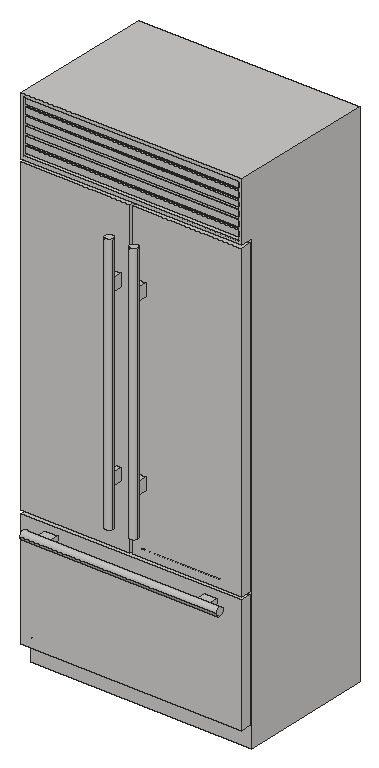
Revit family "24c63f6c6b7a40118bc31d5f5bb4d60e", category Specialty Equipment, Revit 2021
Family settings
  Round Connector Dimension = Use Diameter
  Part Type = Normal
  OmniClass Number = 23.40.40.14
  OmniClass Title = Food Service Equipment
  Work Plane-Based = No
  Always vertical = Yes
  Cut with Voids When Loaded = No
  Shared = No
  Room Calculation Point = No
Parameters (values of type "36"")
  Gasket = Appliance - Gasket
  Door Width = Width / 2 - 0' 0 1/4"  # 1' - 5 3/4"
  Width = 3' - 0"
  Wall Offset = 0' - 4"
  Voltage = 120 V
  Show Label = yes
  Power Consumption = 1000 VA
  Label = "Refrigerator"
  Height = 7' - 0"
  Description = "French Door Refrigerator"
  Depth = 2' - 0"
  Default Elevation = 0' - 0"
  Assembly Code = "E1090320"
  Appliance Finish = Appliance - Stainless Steel
  Amperage = Power Consumption / Voltage  # 8.33333 A
Types (3): name | Door Width | Width
  36" | 1' - 5 3/4" | 3' - 0"
  48" | 1' - 11 3/4" | 4' - 0"
  42" | 1' - 8 3/4" | 3' - 6"
Reference planes (in)
  plane 1 "Back": y = 0
  plane 2: z = 0
  plane 3 "Center (Left/Right)": x = 0
  plane 4 "Left": x = -18
  plane 5 "Right": x = 18
  plane 6: y = -4
  plane 7 "Front": y = -28
  plane 8 "Door Back": y = -26
  plane 9 "Top": z = 84
  plane 10 "B.O. Door": z = 3.5
  plane 11: z = 74.375
  plane 12: x = -2
  plane 13: z = 69.375
  plane 14: z = 27
  plane 15: x = 2
  plane 16: z = 23
  plane 17: z = 21
Forms (in)
  Extrusion 1, solid, material "Appliance - Stainless Steel" <- "Appliance Finish"
    sketch origin (0, 0, 0) x (1, 0, 0) y (0, 1, 0)
      loop
        line (-18, -4) -> (-18, -26) -> (18, -26) -> (18, -4) -> (-18, -4)
    from 0 to 84
  Extrusion 2, solid, material "Appliance - Stainless Steel" <- "Appliance Finish"
    sketch origin (0, -28, 0) x (-1, 0, 0) y (0, 0, 1)
      loop
        line (18, 84) -> (-18, 84) -> (-18, 74.375) -> (18, 74.375) -> (18, 84)
      loop
        line (17.5, 83.5) -> (-17.5, 83.5) -> (-17.5, 74.875) -> (17.5, 74.875) -> (17.5, 83.5)
    from 0 to 2
  Extrusion 3, solid, material "Appliance - Stainless Steel" <- "Appliance Finish"
    sketch origin (0, 0, 0) x (0, 1, 0) y (0, 0, 1)
      loop
        line (-26, 75.00892) -> (-27.75, 75.47783) -> (-27.75, 76.3774) -> (-27.875, 76.3774) -> (-27.875, 75.3774) -> (-26, 74.875) -> (-26, 75.00892)
      loop
        line (-26, 76.43344) -> (-27.75, 76.90235) -> (-27.75, 77.80192) -> (-27.875, 77.80192) -> (-27.875, 76.80192) -> (-26, 76.29952) -> (-26, 76.43344)
      loop
        line (-26, 77.85796) -> (-27.75, 78.32687) -> (-27.75, 79.22644) -> (-27.875, 79.22644) -> (-27.875, 78.22644) -> (-26, 77.72404) -> (-26, 77.85796)
      loop
        line (-26, 79.28248) -> (-27.75, 79.75139) -> (-27.75, 80.65096) -> (-27.875, 80.65096) -> (-27.875, 79.65096) -> (-26, 79.14856) -> (-26, 79.28248)
      loop
        line (-26, 80.707) -> (-27.75, 81.17591) -> (-27.75, 82.07548) -> (-27.875, 82.07548) -> (-27.875, 81.07548) -> (-26, 80.57308) -> (-26, 80.707)
      loop
        line (-26, 82.13151) -> (-27.75, 82.60043) -> (-27.75, 83.5) -> (-27.875, 83.5) -> (-27.875, 82.5) -> (-26, 81.9976) -> (-26, 82.13151)
    from -17.5 to 17.5
  Extrusion 4, solid, material "Appliance - Stainless Steel" <- "Appliance Finish", detail levels fine
    sketch origin (0, -28, 0) x (-1, 0, 0) y (0, 0, 1)
      loop
        line (2.375, 63.375) -> (1.625, 63.375) -> (1.625, 61.375) -> (2.375, 61.375) -> (2.375, 63.375)
      loop
        line (2.375, 35) -> (1.625, 35) -> (1.625, 33) -> (2.375, 33) -> (2.375, 35)
    from -1.67554 to 0
  Extrusion 5, solid, material "Appliance - Stainless Steel" <- "Appliance Finish", detail levels fine
    sketch origin (0, 0, 0) x (1, 0, 0) y (0, 1, 0)
      loop
        circle (-2, -30.01473) r 0.625
    from 27 to 69.375
  Extrusion 6, solid, material "Appliance - Stainless Steel" <- "Appliance Finish", detail levels fine
    sketch origin (2.5, -28, 0) x (-1, 0, 0) y (0, 0, 1)
      loop
        line (0.875, 63.375) -> (0.125, 63.375) -> (0.125, 61.375) -> (0.875, 61.375) -> (0.875, 63.375)
      loop
        line (0.875, 35) -> (0.125, 35) -> (0.125, 33) -> (0.875, 33) -> (0.875, 35)
    from -1.67554 to 0
  Extrusion 7, solid, material "Appliance - Stainless Steel" <- "Appliance Finish", detail levels fine
    sketch origin (2.5, 0, 0) x (1, 0, 0) y (0, 1, 0)
      loop
        circle (-0.5, -30.01473) r 0.625
    from 27 to 69.375
  Extrusion 8, solid, material "Appliance - Stainless Steel" <- "Appliance Finish"
    sketch origin (0, -28, 0) x (-1, 0, 0) y (0, 0, 1)
      loop
        line (18, 73.875) -> (0.25, 73.875) -> (0.25, 23) -> (18, 23) -> (18, 73.875)
      loop
        line (-0.25, 73.875) -> (-18, 73.875) -> (-18, 23) -> (-0.25, 23) -> (-0.25, 73.875)
      loop
        line (18, 22.5) -> (-18, 22.5) -> (-18, 3.5) -> (18, 3.5) -> (18, 22.5)
    from 0 to 1.75
  Extrusion 9, solid, material "Appliance - Stainless Steel" <- "Appliance Finish", detail levels fine
    sketch origin (0, -28, 0) x (-1, 0, 0) y (0, 0, 1)
      loop
        line (14, 21.375) -> (12, 21.375) -> (12, 20.625) -> (14, 20.625) -> (14, 21.375)
      loop
        line (-14, 21.375) -> (-14, 20.625) -> (-12, 20.625) -> (-12, 21.375) -> (-14, 21.375)
    from 0 to -1.67578
  Extrusion 10, solid, material "Appliance - Stainless Steel" <- "Appliance Finish", detail levels fine
    sketch origin (0, 0, 0) x (0, 1, 0) y (0, 0, 1)
      loop
        circle (-30.01473, 21) r 0.625
    from -16 to 16
  Sweep 11, solid, material "Appliance - Gasket" <- "Gasket", detail levels fine
    path in 3D
      loop
        line (-18, -28, 73.875) -> (-18, -28, 23) -> (-0.25, -28, 23) -> (-0.25, -28, 73.875) -> (-18, -28, 73.875)
    profile origin (-9.125, -28, 73.875) x (0, -1, 0) y (0, 0, 1)
      loop
        arc (-1.75, -0.125) -> (-1.875, 0) -> (-2, -0.125) r 0.125
        line (-2, -0.125) -> (-2, -0.25) -> (-1.75, -0.25) -> (-1.75, -0.125)
  Sweep 12, solid, material "Appliance - Gasket" <- "Gasket", detail levels fine
    path in 3D
      loop
        line (0.25, -28, 73.875) -> (0.25, -28, 23) -> (18, -28, 23) -> (18, -28, 73.875) -> (0.25, -28, 73.875)
    profile origin (9.125, -28, 73.875) x (0, -1, 0) y (0, 0, 1)
      loop
        arc (-1.75, -0.125) -> (-1.875, 0) -> (-2, -0.125) r 0.125
        line (-2, -0.125) -> (-2, -0.25) -> (-1.75, -0.25) -> (-1.75, -0.125)
  Sweep 13, solid, material "Appliance - Gasket" <- "Gasket", detail levels fine
    path in 3D
      loop
        line (-18, -28, 22.5) -> (-18, -28, 3.5) -> (18, -28, 3.5) -> (18, -28, 22.5) -> (-18, -28, 22.5)
    profile origin (0, -28, 22.5) x (0, -1, 0) y (0, 0, 1)
      loop
        arc (-1.75, -0.125) -> (-1.875, 0) -> (-2, -0.125) r 0.125
        line (-2, -0.125) -> (-2, -0.25) -> (-1.75, -0.25) -> (-1.75, -0.125)
Cuts and joins
  joined: Extrusion 1, Extrusion 2
  joined: Extrusion 4, Extrusion 5
  joined: Extrusion 6, Extrusion 7
  joined: Extrusion 9, Extrusion 10
Lines and regions (in)
  Split face 1
    outline origin (-18, -4, 0) x (1, 0, 0) y (0, 0, -1)
      loop
        circle (30, -78) r 2
  Split face 2
    outline origin (-18, -4, 0) x (1, 0, 0) y (0, 0, -1)
      loop
        circle (18, -3.5) r 2
  Masking region 1
    outline origin (0, 0, 0) x (1, 0, 0) y (0, 1, 0)
      loop
        line (-18, -4) -> (-18, -28) -> (18, -28) -> (18, -4) -> (-18, -4)
  Masking region 2, detail levels fine
    outline origin (0, 0, 0) x (1, 0, 0) y (0, 1, 0)
      loop
        line (-2.375, -28) -> (-2.375, -29.51473)
        arc (-2.375, -29.51473) -> (-2, -30.63973) -> (-1.625, -29.51473) r 0.625
        line (-1.625, -29.51473) -> (-1.625, -28) -> (-2.375, -28)
      loop
        arc (1.625, -29.51473) -> (2, -30.63973) -> (2.375, -29.51473) r 0.625
        line (2.375, -29.51473) -> (2.375, -28) -> (1.625, -28) -> (1.625, -29.51473)
  symbolic lines, style "Appliances - Plan Swing", detail levels medium+fine
    curve 1: arc (-0.25, -28, 0) -> (-5.44885, -40.55115, 0) -> (-18, -45.75, 0) r 17.75
    curve 2: line (-18, -28, 0) -> (-18, -45.75, 0)
    curve 3: arc (0.25, -28, 0) -> (5.44885, -40.55115, 0) -> (18, -45.75, 0) r 17.75
    curve 4: line (18, -45.75, 0) -> (18, -28, 0)
  sketch lines
    curve 5: line (-0.25, -28, 73.875) -> (-18, -28, 73.875)
    curve 6: line (-0.25, -28, 23) -> (-0.25, -28, 73.875)
    curve 7: line (-18, -28, 23) -> (-0.25, -28, 23)
    curve 8: line (-18, -28, 73.875) -> (-18, -28, 23)
    curve 9: line (18, -28, 73.875) -> (0.25, -28, 73.875)
    curve 10: line (18, -28, 23) -> (18, -28, 73.875)
    curve 11: line (0.25, -28, 23) -> (18, -28, 23)
    curve 12: line (0.25, -28, 73.875) -> (0.25, -28, 23)
    curve 13: line (18, -28, 22.5) -> (-18, -28, 22.5)
    curve 14: line (18, -28, 3.5) -> (18, -28, 22.5)
    curve 15: line (-18, -28, 3.5) -> (18, -28, 3.5)
    curve 16: line (-18, -28, 22.5) -> (-18, -28, 3.5)
  symbolic lines, style "Appliances"
    curve 17: line (-18, -28, 0) -> (-18, -4, 0)
    curve 18: line (18, -28, 0) -> (-18, -28, 0)
    curve 19: line (18, -4, 0) -> (18, -28, 0)
    curve 24: line (-18, -4, 0) -> (18, -4, 0)
    curve 25: line (-18, -26, 0) -> (18, -26, 0)
  symbolic lines, style "Appliances", detail levels fine
    curve 20: line (2.375, -29.38973, 0) -> (2.375, -28, 0)
    curve 21: line (1.625, -28, 0) -> (1.625, -29.38973, 0)
    curve 22: line (-1.625, -29.38973, 0) -> (-1.625, -28, 0)
    curve 23: line (-2.375, -28, 0) -> (-2.375, -29.38973, 0)
    curve 28: arc (-1.375, -30.01473, 0) -> (-2, -29.38973, 0) -> (-2.625, -30.01473, 0) r 0.625
    curve 29: arc (-2.625, -30.01473, 0) -> (-2, -30.63973, 0) -> (-1.375, -30.01473, 0) r 0.625
    curve 30: arc (2.625, -30.01473, 0) -> (2, -29.38973, 0) -> (1.375, -30.01473, 0) r 0.625
    curve 31: arc (1.375, -30.01473, 0) -> (2, -30.63973, 0) -> (2.625, -30.01473, 0) r 0.625
  symbolic lines, style "Appliances", detail levels medium+fine
    curve 26: line (-0.25, -28, 0) -> (-0.25, -26, 0)
    curve 27: line (0.25, -28, 0) -> (0.25, -26, 0)
Dimensions and locks (in)
  equal spacing: plane 4 "Left", plane 3 "Center (Left/Right)", plane 5 "Right"
  "Width": plane 4 "Left" to plane 5 "Right"
  "Depth": plane 6 to plane 7 "Front"
  "Wall Offset": plane 1 "Back" to plane 6
  "Height": plane 9 "Top" to level
  plane 10 "B.O. Door" to level = 0' - 3 1/2"
  locked: plane 8 "Door Back" to plane 7 "Front" at 2
  locked: plane 9 "Top" to plane 11 at 9.625
  locked: cut or joined group of Extrusion 1, Extrusion 2 to plane 4 "Left" at 0.5
  locked: plane 5 "Right" to cut or joined group of Extrusion 1, Extrusion 2 at 0.5
  locked: plane 11 to plane 13 at 5
  plane 14 to plane 16 = 0' - 4"
  Extrusion 4 sketch curve to plane 12 to Extrusion 4 sketch curve = 0' - 0 3/8" locked, 0' - 0 3/8" locked  (x2)
  plane 13 to Extrusion 4 sketch curve to Extrusion 4 sketch curve = 0' - 6" locked, 0' - 2" locked
  Extrusion 4 sketch curve to Extrusion 4 sketch curve to plane 14 = 0' - 2" locked, 0' - 6" locked
  locked: plane 7 "Front" to Extrusion 5 sketch curve at 2.01473
  Extrusion 6 sketch curve to plane 15 to Extrusion 6 sketch curve = 0' - 0 3/8" locked, 0' - 0 3/8" locked  (x2)
  plane 13 to Extrusion 6 sketch curve to Extrusion 6 sketch curve = 0' - 6" locked, 0' - 2" locked
  Extrusion 6 sketch curve to Extrusion 6 sketch curve to plane 14 = 0' - 2" locked, 0' - 6" locked
  locked: Split face 1 sketch curve to plane 9 "Top" at 6
  locked: plane 5 "Right" to Split face 1 sketch curve at 6
  plane 12 to plane 3 "Center (Left/Right)" to plane 15 = 0' - 2" locked, 0' - 2" locked
  locked: plane 16 to plane 10 "B.O. Door" at 19.5
  locked: plane 11 to Extrusion 8 sketch curve at 0.5  (x2)
  locked: plane 16 to Extrusion 8 sketch curve at 0.5
  Extrusion 8 sketch curve to plane 3 "Center (Left/Right)" to Extrusion 8 sketch curve = 0' - 0 1/4" locked, 0' - 0 1/4" locked
  locked: plane 16 to plane 17 at 2
  Extrusion 9 sketch curve to plane 17 to Extrusion 9 sketch curve = 0' - 0 3/8" locked, 0' - 0 3/8" locked  (x2)
  Extrusion 9 sketch curve to Extrusion 9 sketch curve to plane 4 "Left" = 0' - 2" locked, 0' - 4"
  Extrusion 9 sketch curve to Extrusion 9 sketch curve to plane 5 "Right" = 0' - 2" locked, 0' - 4" locked
  locked: plane 8 "Door Back" to Extrusion 10 sketch curve at 4.01473
  locked: plane 5 "Right" to Extrusion 10 at 2
  locked: Extrusion 10 to plane 4 "Left" at 2
  locked: plane 11 to Sweep 11 sketch curve at 0.75
  locked: plane 11 to Sweep 12 sketch curve at 0.75
  locked: plane 16 to Sweep 13 sketch curve at 0.75
  equal spacing: plane 6, nested 1, plane 8 "Door Back"
  "Door Width": radius of curve 3
  "Door Width": radius of curve 1
  aligned and locked: plane 2 to level
  aligned and locked: Extrusion 1 sketch curve to plane 6
  aligned and locked: plane 4 "Left" to Extrusion 1 sketch curve
  aligned and locked: plane 8 "Door Back" to Extrusion 1 sketch curve
  aligned and locked: Extrusion 1 sketch curve to plane 5 "Right"
  aligned and locked: plane 9 "Top" to Extrusion 1
  aligned and locked: Extrusion 2 sketch curve to Extrusion 1  (x2)
  aligned and locked: plane 11 to Extrusion 2 sketch curve
  aligned and locked: Extrusion 2 sketch curve to plane 5 "Right"
  aligned and locked: plane 8 "Door Back" to Extrusion 2
  aligned and locked: Extrusion 3 to Extrusion 2  (x2)
  aligned and locked: plane 7 "Front" to Extrusion 4
  aligned and locked: plane 12 to Extrusion 5 sketch curve
  aligned and locked: Extrusion 5 to plane 14
  aligned and locked: plane 13 to Extrusion 5
  aligned and locked: plane 15 to Extrusion 7 sketch curve
  aligned and locked: plane 3 "Center (Left/Right)" to Split face 2 sketch curve
  aligned and locked: plane 10 "B.O. Door" to Split face 2 sketch curve
  aligned and locked: cut or joined group of Extrusion 6, Extrusion 7 to plane 14
  aligned and locked: plane 13 to cut or joined group of Extrusion 6, Extrusion 7
  aligned and locked: plane 13 to cut or joined group of Extrusion 4, Extrusion 5
  aligned and locked: plane 16 to Extrusion 8 sketch curve  (x2)
  aligned and locked: plane 4 "Left" to Extrusion 8 sketch curve  (x2)
  aligned and locked: Extrusion 8 sketch curve to plane 5 "Right"  (x2)
  aligned and locked: plane 10 "B.O. Door" to Extrusion 8 sketch curve
  aligned and locked: plane 17 to Extrusion 10 sketch curve
  aligned and locked: curve 25 to plane 8 "Door Back"
  aligned and locked: plane 3 "Center (Left/Right)" to nested 1
  aligned and locked: Masking region 1 sketch curve to plane 6
  aligned and locked: plane 4 "Left" to Masking region 1 sketch curve
  aligned and locked: plane 7 "Front" to Masking region 1 sketch curve
  aligned and locked: Masking region 1 sketch curve to plane 5 "Right"
  aligned and locked: Masking region 2 sketch curve to cut or joined group of Extrusion 4, Extrusion 5  (x3)
  aligned and locked: Masking region 2 sketch curve to cut or joined group of Extrusion 6, Extrusion 7  (x3)
  aligned and locked: Masking region 2 sketch curve to plane 7 "Front"  (x2)
Automatic sketch dimensions
  Extrusion 2 sketch curve to plane 5 "Right" = 0' - 0 1/2"
  plane 4 "Left" to Extrusion 2 sketch curve = 0' - 0 1/2"
  plane 11 to Extrusion 2 sketch curve = 0' - 0 1/2"
  Extrusion 2 sketch curve to plane 9 "Top" = 0' - 0 1/2"
  Extrusion 3 sketch curve to plane 8 "Door Back" = 0' - 0"  (x6)
  plane 7 "Front" to Extrusion 3 sketch curve = 0' - 0 1/4"  (x6)
  Extrusion 3 sketch curve to Extrusion 3 sketch curve = 0' - 0 1/8"  (x2)
  plane 7 "Front" to Extrusion 3 sketch curve = 0' - 0 1/8"  (x4)
  plane 11 to Extrusion 3 sketch curve = 0' - 0 1/2"
  Extrusion 3 sketch curve to Extrusion 3 sketch curve = 0' - 0.13392"  (x6)
  plane 11 to Extrusion 3 sketch curve = 0' - 1.0024"
  Extrusion 3 sketch curve to Extrusion 3 sketch curve = 0' - 0.10043"  (x6)
  Extrusion 3 sketch curve to Extrusion 3 sketch curve = 0' - 1.2906"  (x5)
  Extrusion 3 sketch curve to Extrusion 3 sketch curve = 0' - 0.89957"  (x5)
  Extrusion 3 sketch curve to Extrusion 3 sketch curve = 0' - 0.42452"  (x5)
  Extrusion 3 sketch curve to plane 9 "Top" = 0' - 0 1/2"
  Extrusion 7 sketch curve to plane 7 "Front" = 0' - 2.01473"
  Sweep 11 sketch curve to profile plane = 0' - 0 1/8"
  profile plane to Sweep 11 sketch curve = 0' - 2"
  Sweep 11 sketch curve to Sweep 11 sketch curve = 0' - 0 1/8"
  Sweep 12 sketch curve to profile plane = 0' - 0 1/8"
  profile plane to Sweep 12 sketch curve = 0' - 2"
  Sweep 12 sketch curve to Sweep 12 sketch curve = 0' - 0 1/8"
  profile plane to Sweep 13 sketch curve = 0' - 2"
  Sweep 13 sketch curve to Sweep 13 sketch curve = 0' - 0 1/8"
  Sweep 13 sketch curve to profile plane = 0' - 0 1/8"
  curve 1 to plane 4 "Left" = 0' - 0"
  curve 23 to plane 7 "Front" = 0' - 0"
  curve 28 to plane 12 = 0' - 0"
  curve 3 to plane 7 "Front" = 0' - 0"
  curve 30 to plane 15 = 0' - 0"
  curve 3 to plane 5 "Right" = 0' - 0"
  curve 26 to plane 7 "Front" = 0' - 0"
  curve 19 to plane 6 = 0' - 0"
  curve 29 to plane 7 "Front" = 0' - 2.01473"
  curve 30 to plane 7 "Front" = 0' - 2.01473"
  curve 28 to plane 12 = 0' - 0 5/8"
  curve 23 to plane 12 = 0' - 0 3/8"
  plane 12 to curve 22 = 0' - 0 3/8"
  curve 30 to plane 15 = 0' - 0 5/8"
  curve 21 to plane 15 = 0' - 0 3/8"
  plane 15 to curve 20 = 0' - 0 3/8"
  curve 28 to curve 23 = 0' - 0 5/8"
  curve 29 to curve 22 = 0' - 0 5/8"
  curve 31 to curve 21 = 0' - 0 5/8"
  curve 31 to curve 20 = 0' - 0 5/8"
  radius of Extrusion 5 sketch curve = 0' - 0 5/8"
  radius of Extrusion 7 sketch curve = 0' - 0 5/8"
  radius of Split face 1 sketch curve = 0' - 2"
  radius of Split face 2 sketch curve = 0' - 2"
  radius of Extrusion 10 sketch curve = 0' - 0 5/8"
Nested families (in)
  nested 1: "Label Annotation 3-32" at (0, -15, 0), visible <- "Show Label", type "Label Annotation 3-32"
Connectors (in)
  electrical at (12, -4, 78), driven by "Voltage", driven by "Power Consumption"
    settings: on Extrusion 1, index 1, voltage 120 V, apparent load 1000 VA, apparent load phase1 0 VA, apparent load phase2 0 VA, apparent load phase3 0 VA, power factor 1, load classification "Appliance", number of poles 1, system type 30, power factor state 1, is connector primary yes, connector utility no, sub classification motor no, connector description "Refrigerator Power"
  piping at (0, -4, 3.5), diameter 0.25
    settings: on Extrusion 1, index 2, connector inside diameter 24", connector length 0' - 0", flow factor 0, pipe flow 0 GPM, pressure drop 0.00 psi, fitting loss kfactor 0, connector angle 0.00°, fixture units 1, engagement length 0' - 0", angle of deflection 0.00°, flow configuration 3, flow direction 1, fitting loss method 0, system type 20, joint type 0, gender type 0, connector reference index -1, connector utility 0, adjustable connector no, is connector primary yes, connector description "Ice - Water Supply"
Definition of nested family "Label Annotation 3-32"
  Parameters
    Label = "Freezer 36 LH"
  Reference planes (in)
    plane 1: y = 0
    plane 2: x = 0
  Text (in)
    label "Label" at (0.00375, -0.00345, 0), shows "Label"
